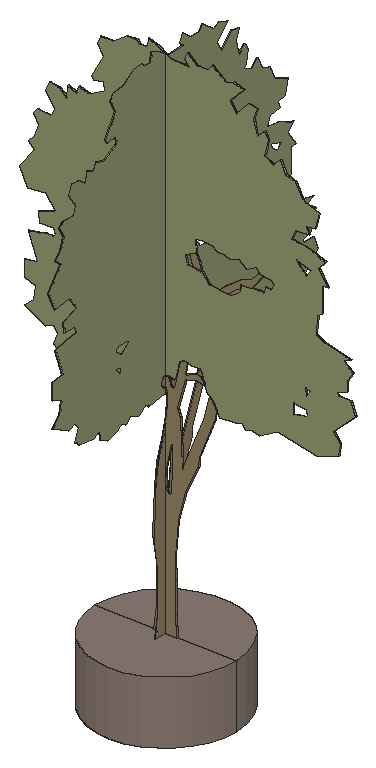
Revit family "L-PL낙엽교목_감나무", category 수목, Revit 2019 (continued)
Definition of nested family "감나무_base"
  Lines and regions (mm)
    symbolic lines
      curve 245: spline (1484.534, -564.779, 0) -> (1465.723, -532.679, 0) -> (1443.59, -503.298, 0) -> (1418.539, -477.172, 0) -> (1391.027, -454.779, 0) -> (1361.558, -436.529, 0) -> (1330.67, -422.753, 0) -> (1298.926, -413.705, 0) -> (1266.908, -409.55, 0) -> (1235.201, -410.363, 0) -> (1204.383, -416.13, 0) -> (1175.018, -426.745, 0) -> (1147.642, -442.015, 0)
      curve 246: spline (1145.476, -448.51, 0) -> (1164.041, -481.452, 0) -> (1186.199, -511.567, 0) -> (1211.504, -538.246, 0) -> (1239.444, -560.952, 0) -> (1269.455, -579.226, 0) -> (1300.931, -592.699, 0) -> (1333.237, -601.098, 0) -> (1365.721, -604.255, 0) -> (1397.726, -602.105, 0) -> (1428.606, -594.692, 0) -> (1457.738, -582.166, 0) -> (1484.534, -564.779, 0)
      curve 247: arc (1267.523, 556.091, 0) -> (1121.682, 551.602, 0) -> (1024.56, 442.713, 0) r 184.793
      curve 248: arc (1025.953, 437.977, 0) -> (1173.583, 442.13, 0) -> (1267.523, 556.091, 0) r 178.447
      curve 249: arc (1303.428, 282.691, 0) -> (1086.821, 314.047, 0) -> (914.989, 178.493, 0) r 277.189
      curve 250: arc (915.813, 171.133, 0) -> (1134.975, 138.815, 0) -> (1303.428, 282.691, 0) r 267.671
      curve 251: spline (1488.622, 363.218, 0) -> (1463.241, 390.124, 0) -> (1436.019, 414.009, 0) -> (1407.452, 434.436, 0) -> (1378.063, 451.032, 0) -> (1348.388, 463.494, 0) -> (1318.97, 471.595, 0) -> (1290.347, 475.186, 0) -> (1263.041, 474.201, 0) -> (1237.551, 468.659, 0) -> (1214.343, 458.66, 0) -> (1193.842, 444.389, 0) -> (1176.421, 426.104, 0)
      curve 252: spline (1176.707, 419.758, 0) -> (1202.153, 392.035, 0) -> (1229.627, 367.474, 0) -> (1258.574, 346.572, 0) -> (1288.41, 329.75, 0) -> (1318.531, 317.348, 0) -> (1348.331, 309.617, 0) -> (1377.208, 306.712, 0) -> (1404.577, 308.693, 0) -> (1429.888, 315.518, 0) -> (1452.628, 327.051, 0) -> (1472.338, 343.059, 0) -> (1488.622, 363.218, 0)
      curve 253: arc (1197.566, -704.085, 0) -> (1091.267, -604.134, 0) -> (945.595, -612.455, 0) r 184.793
      curve 254: line (-395.421, 265.714, 0) -> (-848.754, 313.114, 0)
      curve 255: line (422.788, -34.491, 0) -> (809.778, 218.313, 0)
      curve 256: line (223.764, -334.696, 0) -> (455.958, -777.103, 0)
      curve 257: line (-19.488, -18.691, 0) -> (455.958, 12.909, 0)
      curve 258: line (13.683, -34.491, 0) -> (378.56, 407.916, 0)
      curve 259: line (-30.544, -18.691, 0) -> (135.309, 881.923, 0)
      curve 260: line (-19.488, -34.491, 0) -> (677.096, 581.719, 0)
      curve 261: line (-8.431, -34.491, 0) -> (710.267, -34.491, 0)
      curve 262: line (2.626, 28.71, 0) -> (113.195, 597.519, 0)
      curve 263: line (102.138, -255.695, 0) -> (-41.601, -81.892, 0)
      curve 264: line (-52.658, -81.892, 0) -> (113.195, -287.295, 0)
      curve 265: line (-52.658, -18.691, 0) -> (91.081, 597.519, 0)
      curve 266: line (301.162, -81.892, 0) -> (566.527, -366.297, 0)
      curve 267: line (267.991, -50.292, 0) -> (643.925, -366.297, 0)
      curve 268: line (422.788, 297.314, 0) -> (776.608, 376.315, 0)
      curve 269: line (345.39, 249.913, 0) -> (478.072, 676.52, 0)
      curve 270: line (-85.829, -97.692, 0) -> (-229.568, -508.499, 0)
      curve 271: line (-41.601, -66.092, 0) -> (-318.023, -698.102, 0)
      curve 272: line (-152.17, -397.897, 0) -> (-85.829, -713.902, 0)
      curve 273: line (-30.544, 12.909, 0) -> (-616.559, 502.717, 0)
      curve 274: line (-8.431, -2.891, 0) -> (-649.73, -350.496, 0)
      curve 275: line (-351.194, -208.294, 0) -> (-760.299, -18.691, 0)
      curve 276: line (-8.431, 28.71, 0) -> (-450.706, 392.116, 0)
      curve 277: line (-107.943, -18.691, 0) -> (-118.999, -18.691, 0)
      curve 278: line (-118.999, -18.691, 0) -> (-472.82, 12.909, 0)
      curve 279: line (-472.82, 12.909, 0) -> (-96.886, 28.71, 0)
      curve 280: line (13.683, 360.515, 0) -> (-96.886, 660.72, 0)
  Dimensions and locks
    aligned and locked: level to plane 2
